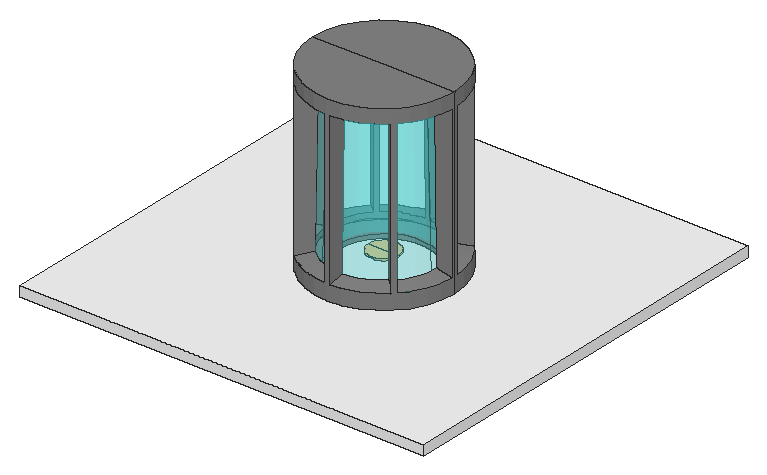
Revit family "BE_84682_de_DE", category Leuchten, Revit 2015
Parameters (values of type "BEGA_84682_Grafit_K4")
  built-in parameter 1150104 = 10.013 (stored number, unit not read)
  Wattage = 9 W
  Default Elevation = 0 mm
  built-in parameter 1150113 = 1 (stored number, unit not read)
  built-in parameter 1114218 = 1 (stored number, unit not read)
  Umgebungstemperatur = "25 °C"
  URL = "http://www.bega.de/produkt/84682"
  Typenkommentare = "© 2016 BEGA. Wir behalten uns das Recht vor, technische Änderungen ohne vorherige Ankündigung vorzunehmen."  # constant formula
  Type Image = 84682.png
  built-in parameter 1150134 = 12
  built-in parameter 1150109 = 1 (stored number, unit not read)
  Strom = ""
  built-in parameter 1150110 = 1 (stored number, unit not read)
  Spannung = 239.996 V
  Sonderanfertigung = no
  Seriennummer [instance] = "Hier können Sie die eindeutige Seriennummer für das Facility Management eintragen."
  Schutzklasse = "I"
  Schutzart = "IP 65"
  Scheinlast = 0 VA
  Produktdatenblatt = "http://www.bega.de/download/Xrfa/db/84682.db.de.pdf"
  Oberflächentemperatur = ""
  Neigungswinkel = 0.00°
  Modell = "84682K4"
  Material_18 = BEGA_Gummi_schwarz
  Material_17 = BEGA_Reflektor
  Material_15 = BEGA_Leuchtmedium_matt
  Material_11 = BEGA_Glas_opal
  Material_09 = BEGA_Glas_klar
  Material_06 = BEGA_Oberfläche_Edelstahl_gebürstet
  Material_03 = BEGA_Oberfläche_Weiss_matt
  Material_02 = BEGA_Oberfläche_Silber_matt
  Material_01 [instance] = BEGA_Oberfläche_Grafit_matt
  M_W = no
  M_G = yes
  M_A = no
  Logo = 0
  built-in parameter 1114217 = 1 (stored number, unit not read)
  built-in parameter 1150139 = (empty or 0)
  built-in parameter 1150105 = 77.192 (stored number, unit not read)
  built-in parameter 1150114 = 1 (stored number, unit not read)
  Lumens = 970.02 lm
  built-in parameter 1150115 = 1 (stored number, unit not read)
  Leuchtenlichtstrom = "420 lm"
  Leuchtenanzahl = ""
  Lebensdauerkriterien = "L70 = 50.000 h"
  Lastklassifizierung = Beleuchtung
  built-in parameter 1150112 = 1 (stored number, unit not read)
  Lampenlichtstrom = "970 lm"
  Lampe = "LED 9 W"
  LED_Modulbezeichnung = "LED-0557/840"
  built-in parameter 1150142 = (empty or 0)
  Hersteller = "BEGA"  # constant formula
  Halbstreuwinkel = ""
  Gewicht = "2.7 kg"
  Gebrauchslageneinschränkung [instance] = ""
  Frequenz = "0/50-60 Hz"
  Farbwiedergabeindex = "Ra > 80"
  Farbtemperaturverschiebung bei Dämpfen der Lampe = <Keine Auswahl>
  Farbtemperatur = "4000 K"
  Color Filter = 16777215
  built-in parameter 1150133 = 10 (stored number, unit not read)
  Energieeffizienzklasse = "LED A++ - A"
  built-in parameter 1150137 = (empty or 0)
  built-in parameter 1150132 = (empty or 0)
  ENEC = ""
  Dimmbar [instance] = ""
  Datei für fotometrisches Netz = "BE_84682K4.IES"
  CE_Konformität = "ja"
  Bestellnummer = "84682K4"
  Beschreibung_Sonderanfertigung = "Hier können Sie Informationen zur Sonderanfertigung eintragen."
  Beschreibung = "Pollerleuchtenkopf"
  built-in parameter 1150106 = 0.77192 (stored number, unit not read)
  Befestigungsbohrung = ""
  Befestigungsabstand = ""
  Ballwurfsicher = ""
  BEGA_Intern_aus = yes
  BEGA_Intern_an = yes
  BEGA_Intern_Konstruktion = yes
  BEGA_Intern = yes
  BEGA_IES = yes
  BEGA_Dummy = no
  Anschlussleitung = "1.0 m H05VV-F 3 G 1²"
  Anschlussleistung [instance] = "10.7 W"
  built-in parameter 1150107 = 4000 (stored number, unit not read)
  built-in parameter 1150102 = (empty or 0)
  built-in parameter 1150138 = (empty or 0)
  Aktualisierung = "2016-11-14T04:14:35"
  Abstand_zur_angestrahlten_Fläche [instance] = ""
  AC/DC = "AC/DC"
Types (4, lengths in mm): name | built-in parameter 1150104 | built-in parameter 1150134 | Modell | M_G | M_A | built-in parameter 1150105 | Lumens | Leuchtenlichtstrom | Lampenlichtstrom | LED_Modulbezeichnung | Farbtemperatur | Datei für fotometrisches Netz | Bestellnummer | built-in parameter 1150106 | built-in parameter 1150107
  BEGA_84682_Silber_K4 | 10.013 (stored number, unit not read) | 12 | "84682AK4" | no | yes | 77.192 (stored number, unit not read) | 970.02 lm | "420 lm" | "970 lm" | "LED-0557/840" | "4000 K" | "BE_84682K4.IES" | "84682AK4" | 0.77192 (stored number, unit not read) | 4000 (stored number, unit not read)
  BEGA_84682_Silber_K3 | 9.4455 (stored number, unit not read) | (empty or 0) | "84682A" | no | yes | 72.816 (stored number, unit not read) | 915.03 lm | "396 lm" | "915 lm" | "LED-0557/830" | "3000 K" | "BE_84682.IES" | "84682A" | 0.72816 (stored number, unit not read) | 3000 (stored number, unit not read)
  BEGA_84682_Grafit_K4 | 10.013 (stored number, unit not read) | 12 | "84682K4" | yes | no | 77.192 (stored number, unit not read) | 970.02 lm | "420 lm" | "970 lm" | "LED-0557/840" | "4000 K" | "BE_84682K4.IES" | "84682K4" | 0.77192 (stored number, unit not read) | 4000 (stored number, unit not read)
  BEGA_84682_Grafit_K3 | 9.4455 (stored number, unit not read) | (empty or 0) | "84682" | yes | no | 72.816 (stored number, unit not read) | 915.03 lm | "396 lm" | "915 lm" | "LED-0557/830" | "3000 K" | "BE_84682.IES" | "84682" | 0.72816 (stored number, unit not read) | 3000 (stored number, unit not read)
Reference planes
  plane 1 "Mitte (Vorne/Hinten)": y = 0
  plane 2: z = 0
  plane 3 "Mitte (Links/Rechts)": x = 0
  plane 4 "Links": x = -70
  plane 5 "Rechts": x = 70
  plane 6 "Unten": y = -69.957
  plane 7 "Oben": y = 69.957
  plane 8 "Vorne": z = 178.7
  plane 9 "Hinten": z = -135.769
Forms (mm)
  Extrusion 1, solid, material "BEGA_Platte_Weiss"
    sketch origin (0, -1119.2, 0) x (1, 0, 0) y (0, 1, 0)
      loop
        line (-200, 1319.2) -> (-200, 919.2) -> (200, 919.2) -> (200, 1319.2) -> (-200, 1319.2)
    from 0 to -10
  Extrusion 2, solid, material "BEGA_Dummy_matt", visible <- "BEGA_Dummy"
    sketch origin (77.149, -76.023, 0) x (1, 0, 0) y (0, 1, 0)
      loop
        circle (-77.149, 76.023) r 70
    from 0 to 178.7
Dimensions and locks
  plane 1 "Mitte (Vorne/Hinten)" to Extrusion 1 = 200 mm
  aligned and locked: plane 2 to Extrusion 1
  aligned and locked: level to Extrusion 1
Nested families
  nested 1: "BE_84682" at (0, 0, 0), type "BE_84682"
Connectors
  electrical at (0, 0, 0), driven by "Lastklassifizierung", driven by "Spannung", driven by "Scheinlast"
    settings: index 1, voltage 239.996 V, apparent load 0 VA, apparent load phase1 0 VA, apparent load phase2 0 VA, apparent load phase3 0 VA, power factor 1, load classification "Beleuchtung", number of poles 1, system type 31, power factor state 1, is connector primary yes, connector utility no, sub classification motor no, connector description ""
Definition of nested family "BE_84682"
  Parameters (values of type "BE_84682")
    Default Elevation = 1 mm
    URL = "http://www.bega.de/de/produkt"
    Type Comments = "© 2015 BEGA. Wir behalten uns das Recht vor, technische Änderungen ohne vorherige Ankündigung vorzunehmen. "  # constant formula
    Type Image = (empty or 0)
    Material_18 = none
    Material_17 = none
    Material_15 = none
    Material_11 = none
    Material_09 = none
    Material_06 = none
    Material_03 = none
    Material_02 = none
    Material_01 = none
    M_W = yes
    M_G = yes
    M_A = yes
    Länge_Platte = 200 mm  # constant formula
    Höhe_Platte = -10 mm  # constant formula
    Manufacturer = "BEGA"  # constant formula
    Breite_Platte = 200 mm  # constant formula
  Reference planes
    plane 1 "Mitte (Oben/Unten)": y = 0
    plane 2: z = 0
    plane 3 "Mitte (Links/Rechts)": x = 0
    plane 4 "Links": x = -70
    plane 5 "Unten": y = -69.957
    plane 6: x = 70
    plane 7: z = -135.769
    plane 8: z = 178.7
    plane 9: y = 69.957
  Forms (mm)
    Extrusion 1, solid, detail levels medium
      sketch origin (0, 0, 0) x (1, 0, 0) y (0, 1, 0)
        loop
          line (-100, 100) -> (-100, -100) -> (100, -100) -> (100, 100) -> (-100, 100)
      from 0 to -10 <- "Höhe_Platte"
    Revolve 2, solid, material <- "Material_01", detail levels medium+fine
      sketch origin (0, 0, 0) x (1, 0, 0) y (0, 0, 1)
        loop
          line (-13.727, -128.572) -> (-11.6, -129.669) -> (-11.6, -130.769)
          arc (-11.6, -130.769) -> (-10.136, -134.304) -> (-6.6, -135.769) r 5
          line (-6.6, -135.769) -> (0, -135.769) -> (0, -98.5) -> (-13.485, -98.5) -> (-13.485, -111.5) -> (-9.6, -111.5) -> (-9.6, -117.669) -> (-13.867, -117.669) -> (-13.868, -128.501)
        axis (0, -98.5) -> (0, -135.769)
      angle from 0 to 360
    Revolve 3, solid, material <- "Material_01", visible <- "M_G", detail levels medium+fine
      sketch origin (0, 0, 0) x (1, 0, 0) y (0, 0, 1)
        loop
          line (-33.8, -57.5) -> (-29.3, -57.5) -> (-28.596, -97.842)
          arc (-28.596, -97.842) -> (-27.849, -99.583) -> (-26.096, -100.3) r 2.5
          line (-26.096, -100.3) -> (0, -100.3) -> (0, -98.5) -> (-24.749, -98.5)
          arc (-24.749, -98.5) -> (-26.151, -97.926) -> (-26.749, -96.535) r 2
          line (-26.749, -96.535) -> (-27.5, -53.5) -> (-33.87, -53.5) -> (-33.8, -57.5)
        axis (0, -100.3) -> (0, -53.5)
      angle from 0 to 360
    Revolve 4, solid, material <- "Material_01", visible <- "M_G", detail levels medium+fine
      sketch origin (0, 0, 0) x (1, 0, 0) y (0, 0, 1)
        loop
          line (-66.8, 0) -> (-64.788, -0.07) -> (-63.389, -8) -> (-57, -8.223) -> (-57, -26.7) -> (-60, -29.7) -> (-60, -32.2) -> (-46.792, -32.2) -> (-46.446, -42.098)
          arc (-46.446, -42.098) -> (-46.236, -42.929) -> (-45.698, -43.595) r 2
          line (-45.698, -43.595) -> (-43.935, -45) -> (-32.5, -45) -> (-32.203, -53.5) -> (-29.5, -53.5) -> (-28.688, -38) -> (-42.929, -38) -> (-44.395, 4) -> (-66.8, 4) -> (-66.8, 0)
        axis (0, -53.5) -> (0, 4)
      angle from 0 to 360
    Revolve 5, solid, material <- "Material_01", visible <- "M_G", detail levels medium+fine
      sketch origin (0, 0, 0) x (1, 0, 0) y (0, 0, 1)
        loop
          line (-67.162, 12.2) -> (-54.1, 12.2) -> (-51.264, 174.7) -> (0, 174.7) -> (0, 178.7) -> (-70, 178.7) -> (-70, 0) -> (-67.375, 0) -> (-67.162, 12.2)
        axis (0, 0) -> (0, 178.7)
      angle from 0 to 360
    Revolve 6, void
      sketch origin (0, 0, 0) x (1, 0, 0) y (0, 0, 1)
        loop
          line (-70, 14.991) -> (-54.002, 17.812) -> (-51.484, 162.059) -> (-70, 164.991) -> (-70, 14.991)
        axis (0, 164.991) -> (0, 14.991)
      angle from 43 to 2
    Revolve 7, void
      sketch origin (0, 0, 0) x (0.707107, -0.707107, 0) y (0, 0, 1)
        loop
          line (-70, 14.991) -> (-54.002, 17.812) -> (-51.484, 162.059) -> (-70, 164.991) -> (-70, 14.991)
        axis (0, 164.991) -> (0, 14.991)
      angle from 43 to 2
    Revolve 8, void
      sketch origin (0, 0, 0) x (0.707107, 0.707107, 0) y (0, 0, 1)
        loop
          line (-70, 14.991) -> (-54.002, 17.812) -> (-51.484, 162.059) -> (-70, 164.991) -> (-70, 14.991)
        axis (0, 164.991) -> (0, 14.991)
      angle from 43 to 2
    Revolve 9, void
      sketch origin (0, 0, 0) x (0, 1, 0) y (0, 0, 1)
        loop
          line (-70, 14.991) -> (-54.002, 17.812) -> (-51.484, 162.059) -> (-70, 164.991) -> (-70, 14.991)
        axis (0, 164.991) -> (0, 14.991)
      angle from 43 to 2
    Revolve 10, void
      sketch origin (0, 0, 0) x (-0.707107, 0.707107, 0) y (0, 0, 1)
        loop
          line (-70, 14.991) -> (-54.002, 17.812) -> (-51.484, 162.059) -> (-70, 164.991) -> (-70, 14.991)
        axis (0, 164.991) -> (0, 14.991)
      angle from 43 to 2
    Revolve 11, void
      sketch origin (0, 0, 0) x (-1, 0, 0) y (0, 0, 1)
        loop
          line (-70, 14.991) -> (-54.002, 17.812) -> (-51.484, 162.059) -> (-70, 164.991) -> (-70, 14.991)
        axis (0, 164.991) -> (0, 14.991)
      angle from 43 to 2
    Revolve 12, void
      sketch origin (0, 0, 0) x (-0.707107, -0.707107, 0) y (0, 0, 1)
        loop
          line (-70, 14.991) -> (-54.002, 17.812) -> (-51.484, 162.059) -> (-70, 164.991) -> (-70, 14.991)
        axis (0, 164.991) -> (0, 14.991)
      angle from 43 to 2
    Revolve 13, void
      sketch origin (0, 0, 0) x (0, -1, 0) y (0, 0, 1)
        loop
          line (-70, 14.991) -> (-54.002, 17.812) -> (-51.484, 162.059) -> (-70, 164.991) -> (-70, 14.991)
        axis (0, 164.991) -> (0, 14.991)
      angle from 43 to 2
    Revolve 14, solid, material <- "Material_09", detail levels medium+fine
      sketch origin (0, 0, 0) x (1, 0, 0) y (0, 0, 1)
        loop
          arc (-47.544, 173.2) -> (-49.647, 172.34) -> (-50.544, 170.252) r 3
          line (-50.544, 170.252) -> (-53.5, 0.9) -> (-47.5, 0.9) -> (-43.403, 157.357)
          arc (-43.403, 157.357) -> (-41.589, 161.498) -> (-37.403, 163.2) r 6
          line (-37.403, 163.2) -> (0, 163.2) -> (0, 173.2) -> (-47.544, 173.2)
        axis (0, 173.2) -> (0, 0.9)
      angle from 0 to 360
    Revolve 15, solid, material <- "Material_15", detail levels medium+fine
      sketch origin (0, 0, 0) x (1, 0, 0) y (0, 0, 1)
        loop
          line (-15, 14.55) -> (-15, 13.397) -> (0, 13.397) -> (0, 14.55) -> (-15, 14.55)
        axis (0, 14.55) -> (0, 13.397)
      angle from 0 to 360
    Revolve 16, solid, material <- "Material_02", visible <- "M_A", detail levels medium+fine
      sketch origin (0, 0, 0) x (1, 0, 0) y (0, 0, 1)
        loop
          line (-33.8, -57.5) -> (-29.3, -57.5) -> (-28.596, -97.842)
          arc (-28.596, -97.842) -> (-27.849, -99.583) -> (-26.096, -100.3) r 2.5
          line (-26.096, -100.3) -> (0, -100.3) -> (0, -98.5) -> (-24.749, -98.5)
          arc (-24.749, -98.5) -> (-26.151, -97.926) -> (-26.749, -96.535) r 2
          line (-26.749, -96.535) -> (-27.5, -53.5) -> (-33.87, -53.5) -> (-33.8, -57.5)
        axis (0, -100.3) -> (0, -53.5)
      angle from 0 to 360
    Revolve 17, solid, material <- "Material_02", visible <- "M_A", detail levels medium+fine
      sketch origin (0, 0, 0) x (1, 0, 0) y (0, 0, 1)
        loop
          line (-66.8, 0) -> (-64.788, -0.07) -> (-63.389, -8) -> (-57, -8.223) -> (-57, -26.7) -> (-60, -29.7) -> (-60, -32.2) -> (-46.792, -32.2) -> (-46.446, -42.098)
          arc (-46.446, -42.098) -> (-46.236, -42.929) -> (-45.698, -43.595) r 2
          line (-45.698, -43.595) -> (-43.935, -45) -> (-32.5, -45) -> (-32.203, -53.5) -> (-29.5, -53.5) -> (-28.688, -38) -> (-42.929, -38) -> (-44.395, 4) -> (-66.8, 4) -> (-66.8, 0)
        axis (0, -53.5) -> (0, 4)
      angle from 0 to 360
    Revolve 18, solid, material <- "Material_02", visible <- "M_A", detail levels medium+fine
      sketch origin (0, 0, 0) x (1, 0, 0) y (0, 0, 1)
        loop
          line (-67.162, 12.2) -> (-54.1, 12.2) -> (-51.264, 174.7) -> (0, 174.7) -> (0, 178.7) -> (-70, 178.7) -> (-70, 0) -> (-67.375, 0) -> (-67.162, 12.2)
        axis (0, 0) -> (0, 178.7)
      angle from 0 to 360
  Cuts and joins
    Revolve 6, Revolve 7, Revolve 8, Revolve 9, Revolve 10, Revolve 11, Revolve 12, Revolve 13 cuts Revolve 5
    Revolve 6, Revolve 7, Revolve 8, Revolve 9, Revolve 10, Revolve 11, Revolve 12, Revolve 13 cuts Revolve 18
  Dimensions and locks
    equal spacing: Extrusion 1 sketch curve, plane 3 "Mitte (Links/Rechts)", Extrusion 1 sketch curve
    equal spacing: Extrusion 1 sketch curve, plane 1 "Mitte (Oben/Unten)", Extrusion 1 sketch curve
    "Länge_Platte": Extrusion 1 sketch curve to Extrusion 1 sketch curve
    "Breite_Platte": Extrusion 1 sketch curve to Extrusion 1 sketch curve
    aligned and locked: Extrusion 1 to plane 2
    aligned and locked: level to Extrusion 1
  Automatic sketch dimensions
    Revolve 2 sketch curve to plane 3 "Mitte (Links/Rechts)" = 0 mm  (x2)
    Revolve 2 sketch curve to plane 3 "Mitte (Links/Rechts)" = 6.6 mm
    Revolve 2 sketch curve to plane 3 "Mitte (Links/Rechts)" = 9.6 mm
    Revolve 2 sketch curve to Revolve 2 sketch curve = 5 mm
    Revolve 2 sketch curve to Revolve 2 sketch curve = 3.885 mm
    Revolve 2 sketch curve to Revolve 2 sketch curve = 4.267 mm
    Revolve 2 sketch curve to Revolve 2 sketch curve = 1.1 mm
    Revolve 2 sketch curve to Revolve 2 sketch curve = 12 mm
    Revolve 2 sketch curve to Revolve 2 sketch curve = 6.169 mm
    Revolve 2 sketch curve to Revolve 2 sketch curve = 2.127 mm
    Revolve 2 sketch curve to Revolve 2 sketch curve = 0.141 mm
    Revolve 2 sketch curve to Revolve 2 sketch curve = 1.096 mm
    Revolve 2 sketch curve to Revolve 2 sketch curve = 0.071 mm
    Revolve 2 sketch curve to Revolve 2 sketch curve = 2 mm
    Revolve 2 sketch curve to Revolve 2 sketch curve = 0 mm
    Revolve 3 sketch curve to plane 3 "Mitte (Links/Rechts)" = 0 mm  (x2)
    Revolve 3 sketch curve to plane 3 "Mitte (Links/Rechts)" = 24.749 mm
    Revolve 3 sketch curve to Revolve 3 sketch curve = 1.347 mm  (x3)
    Revolve 3 sketch curve to Revolve 3 sketch curve = 0.653 mm
    Revolve 3 sketch curve to plane 3 "Mitte (Links/Rechts)" = 27.5 mm
    Revolve 3 sketch curve to Revolve 3 sketch curve = 1.847 mm
    Revolve 3 sketch curve to Revolve 3 sketch curve = 1.8 mm  (x2)
    Revolve 3 sketch curve to Revolve 3 sketch curve = 4.5 mm
    Revolve 3 sketch curve to Revolve 3 sketch curve = 0.07 mm
    Revolve 3 sketch curve to Revolve 3 sketch curve = 1.265 mm
    Revolve 3 sketch curve to Revolve 3 sketch curve = 39.035 mm
    Revolve 3 sketch curve to Revolve 3 sketch curve = 4 mm
    Revolve 3 sketch curve to Revolve 3 sketch curve = 0 mm  (x4)
    Revolve 4 sketch curve to plane 3 "Mitte (Links/Rechts)" = 0 mm
    Revolve 4 sketch curve to plane 3 "Mitte (Links/Rechts)" = 28.688 mm
    Revolve 4 sketch curve to Revolve 4 sketch curve = 0.812 mm
    Revolve 4 sketch curve to Revolve 4 sketch curve = 2.703 mm
    Revolve 4 sketch curve to Revolve 4 sketch curve = 3.812 mm
    Revolve 4 sketch curve to Revolve 4 sketch curve = 10.429 mm
    Revolve 4 sketch curve to Revolve 4 sketch curve = 1.006 mm
    level to Revolve 4 sketch curve = 4 mm
    Revolve 4 sketch curve to Revolve 4 sketch curve = 1.467 mm
    Revolve 4 sketch curve to Revolve 4 sketch curve = 0.513 mm
    Revolve 4 sketch curve to Revolve 4 sketch curve = 1.251 mm
    Revolve 4 sketch curve to Revolve 4 sketch curve = 0.748 mm
    Revolve 4 sketch curve to Revolve 4 sketch curve = 3.863 mm
    Revolve 4 sketch curve to Revolve 4 sketch curve = 10.208 mm
    Revolve 4 sketch curve to Revolve 4 sketch curve = 3 mm  (x2)
    Revolve 4 sketch curve to level = 8 mm
    Revolve 4 sketch curve to Revolve 4 sketch curve = 6.389 mm
    Revolve 4 sketch curve to level = 0.07 mm
    Revolve 4 sketch curve to Revolve 4 sketch curve = 1.398 mm
    level to Revolve 4 sketch curve = 0 mm
    Revolve 4 sketch curve to Revolve 4 sketch curve = 2.012 mm
    Revolve 4 sketch curve to Revolve 4 sketch curve = 0.223 mm
    Revolve 4 sketch curve to Revolve 4 sketch curve = 18.477 mm
    Revolve 4 sketch curve to Revolve 4 sketch curve = 5.5 mm  (x2)
    Revolve 4 sketch curve to Revolve 4 sketch curve = 5.8 mm
    Revolve 4 sketch curve to Revolve 4 sketch curve = 4.034 mm
    Revolve 4 sketch curve to Revolve 4 sketch curve = 0.064 mm
    Revolve 4 sketch curve to Revolve 4 sketch curve = 1.405 mm
    Revolve 4 sketch curve to Revolve 4 sketch curve = 8.5 mm
    Revolve 4 sketch curve to Revolve 4 sketch curve = 5 mm
    Revolve 5 sketch curve to level = 0 mm
    Revolve 5 sketch curve to plane 3 "Mitte (Links/Rechts)" = 0 mm  (x2)
    Revolve 5 sketch curve to plane 3 "Mitte (Links/Rechts)" = 51.264 mm
    level to Revolve 5 sketch curve = 12.2 mm  (x2)
    Revolve 5 sketch curve to plane 3 "Mitte (Links/Rechts)" = 54.1 mm
    Revolve 5 sketch curve to Revolve 5 sketch curve = 13.062 mm
    Revolve 5 sketch curve to Revolve 5 sketch curve = 0.213 mm
    Revolve 5 sketch curve to Revolve 5 sketch curve = 18.736 mm
    Revolve 5 sketch curve to Revolve 5 sketch curve = 4 mm
    level to Revolve 5 sketch curve = 21.785 mm
    Revolve 5 sketch curve to Revolve 5 sketch curve = 15 mm
    Revolve 6 sketch curve to Revolve 6 sketch curve = 15.998 mm
    Revolve 6 sketch curve to Revolve 6 sketch curve = 2.933 mm
    Revolve 6 sketch curve to Revolve 6 sketch curve = 57.059 mm
    Revolve 6 sketch curve to Revolve 6 sketch curve = 20 mm
    Revolve 6 sketch curve to Revolve 6 sketch curve = 18.516 mm
    Revolve 6 sketch curve to Revolve 6 sketch curve = 2.821 mm
    Revolve 6 sketch curve to Revolve 6 sketch curve = 144.246 mm
    Revolve 6 sketch curve to Revolve 6 sketch curve = 51.484 mm
    Revolve 7 sketch curve to Revolve 7 sketch curve = 15.998 mm
    Revolve 7 sketch curve to Revolve 7 sketch curve = 2.933 mm
    Revolve 7 sketch curve to Revolve 7 sketch curve = 57.059 mm
    Revolve 7 sketch curve to Revolve 7 sketch curve = 20 mm
    Revolve 7 sketch curve to Revolve 7 sketch curve = 18.516 mm
    Revolve 7 sketch curve to Revolve 7 sketch curve = 2.821 mm
    Revolve 7 sketch curve to Revolve 7 sketch curve = 144.246 mm
    Revolve 7 sketch curve to Revolve 7 sketch curve = 51.484 mm
    Revolve 8 sketch curve to Revolve 8 sketch curve = 15.998 mm
    Revolve 8 sketch curve to Revolve 8 sketch curve = 2.933 mm
    Revolve 8 sketch curve to Revolve 8 sketch curve = 57.059 mm
    Revolve 8 sketch curve to Revolve 8 sketch curve = 20 mm
    Revolve 8 sketch curve to Revolve 8 sketch curve = 18.516 mm
    Revolve 8 sketch curve to Revolve 8 sketch curve = 2.821 mm
    Revolve 8 sketch curve to Revolve 8 sketch curve = 144.246 mm
    Revolve 8 sketch curve to Revolve 8 sketch curve = 51.484 mm
    Revolve 9 sketch curve to Revolve 9 sketch curve = 15.998 mm
    Revolve 9 sketch curve to Revolve 9 sketch curve = 2.933 mm
    Revolve 9 sketch curve to Revolve 9 sketch curve = 57.059 mm
    Revolve 9 sketch curve to Revolve 9 sketch curve = 20 mm
    Revolve 9 sketch curve to Revolve 9 sketch curve = 18.516 mm
    Revolve 9 sketch curve to Revolve 9 sketch curve = 2.821 mm
    Revolve 9 sketch curve to Revolve 9 sketch curve = 144.246 mm
    Revolve 9 sketch curve to Revolve 9 sketch curve = 51.484 mm
    Revolve 10 sketch curve to Revolve 10 sketch curve = 15.998 mm
    Revolve 10 sketch curve to Revolve 10 sketch curve = 2.933 mm
    Revolve 10 sketch curve to Revolve 10 sketch curve = 57.059 mm
    Revolve 10 sketch curve to Revolve 10 sketch curve = 20 mm
    Revolve 10 sketch curve to Revolve 10 sketch curve = 18.516 mm
    Revolve 10 sketch curve to Revolve 10 sketch curve = 2.821 mm
    Revolve 10 sketch curve to Revolve 10 sketch curve = 144.246 mm
    Revolve 10 sketch curve to Revolve 10 sketch curve = 51.484 mm
    Revolve 11 sketch curve to Revolve 11 sketch curve = 15.998 mm
    Revolve 11 sketch curve to Revolve 11 sketch curve = 2.933 mm
    Revolve 11 sketch curve to Revolve 11 sketch curve = 57.059 mm
    Revolve 11 sketch curve to Revolve 11 sketch curve = 20 mm
    Revolve 11 sketch curve to Revolve 11 sketch curve = 18.516 mm
    Revolve 11 sketch curve to Revolve 11 sketch curve = 2.821 mm
    Revolve 11 sketch curve to Revolve 11 sketch curve = 144.246 mm
    Revolve 11 sketch curve to Revolve 11 sketch curve = 51.484 mm
    Revolve 12 sketch curve to Revolve 12 sketch curve = 15.998 mm
    Revolve 12 sketch curve to Revolve 12 sketch curve = 2.933 mm
    Revolve 12 sketch curve to Revolve 12 sketch curve = 57.059 mm
    Revolve 12 sketch curve to Revolve 12 sketch curve = 20 mm
    Revolve 12 sketch curve to Revolve 12 sketch curve = 18.516 mm
    Revolve 12 sketch curve to Revolve 12 sketch curve = 2.821 mm
    Revolve 12 sketch curve to Revolve 12 sketch curve = 144.246 mm
    Revolve 12 sketch curve to Revolve 12 sketch curve = 51.484 mm
    Revolve 13 sketch curve to Revolve 13 sketch curve = 15.998 mm
    Revolve 13 sketch curve to Revolve 13 sketch curve = 2.933 mm
    Revolve 13 sketch curve to Revolve 13 sketch curve = 57.059 mm
    Revolve 13 sketch curve to Revolve 13 sketch curve = 20 mm
    Revolve 13 sketch curve to Revolve 13 sketch curve = 18.516 mm
    Revolve 13 sketch curve to Revolve 13 sketch curve = 2.821 mm
    Revolve 13 sketch curve to Revolve 13 sketch curve = 144.246 mm
    Revolve 13 sketch curve to Revolve 13 sketch curve = 51.484 mm
    Revolve 6 sketch curve to plane 3 "Mitte (Links/Rechts)" = 0 mm
    level to Revolve 6 sketch curve = 14.991 mm
    Revolve 9 sketch curve to plane 1 "Mitte (Oben/Unten)" = 0 mm
    level to Revolve 9 sketch curve = 14.991 mm
    Revolve 11 sketch curve to plane 3 "Mitte (Links/Rechts)" = 0 mm
    level to Revolve 11 sketch curve = 14.991 mm
    Revolve 13 sketch curve to plane 1 "Mitte (Oben/Unten)" = 0 mm
    level to Revolve 13 sketch curve = 14.991 mm
    Revolve 14 sketch curve to plane 3 "Mitte (Links/Rechts)" = 0 mm  (x2)
    Revolve 14 sketch curve to plane 3 "Mitte (Links/Rechts)" = 37.403 mm
    level to Revolve 14 sketch curve = 0.9 mm
    Revolve 14 sketch curve to plane 3 "Mitte (Links/Rechts)" = 47.5 mm
    Revolve 14 sketch curve to Revolve 14 sketch curve = 10.142 mm
    Revolve 14 sketch curve to Revolve 14 sketch curve = 6 mm  (x2)
    Revolve 14 sketch curve to Revolve 14 sketch curve = 7 mm
    Revolve 14 sketch curve to Revolve 14 sketch curve = 10 mm  (x2)
    Revolve 14 sketch curve to Revolve 14 sketch curve = 5.998 mm
    Revolve 14 sketch curve to Revolve 14 sketch curve = 0.002 mm
    Revolve 14 sketch curve to Revolve 14 sketch curve = 0 mm  (x5)
    Revolve 14 sketch curve to Revolve 14 sketch curve = 3 mm
    Revolve 14 sketch curve to Revolve 14 sketch curve = 23.34 mm
    Revolve 14 sketch curve to Revolve 14 sketch curve = 0.052 mm
    Revolve 16 sketch curve to plane 3 "Mitte (Links/Rechts)" = 0 mm  (x2)
    Revolve 16 sketch curve to plane 3 "Mitte (Links/Rechts)" = 24.749 mm
    Revolve 16 sketch curve to Revolve 16 sketch curve = 1.347 mm  (x3)
    Revolve 16 sketch curve to Revolve 16 sketch curve = 0.653 mm
    Revolve 16 sketch curve to plane 3 "Mitte (Links/Rechts)" = 27.5 mm
    Revolve 16 sketch curve to Revolve 16 sketch curve = 1.847 mm
    Revolve 16 sketch curve to Revolve 16 sketch curve = 1.8 mm  (x2)
    Revolve 16 sketch curve to Revolve 16 sketch curve = 4.5 mm
    Revolve 16 sketch curve to Revolve 16 sketch curve = 0.07 mm
    Revolve 16 sketch curve to Revolve 16 sketch curve = 1.265 mm
    Revolve 16 sketch curve to Revolve 16 sketch curve = 39.035 mm
    Revolve 16 sketch curve to Revolve 16 sketch curve = 4 mm
    Revolve 16 sketch curve to Revolve 16 sketch curve = 0 mm  (x4)
    Revolve 17 sketch curve to plane 3 "Mitte (Links/Rechts)" = 0 mm
    Revolve 17 sketch curve to plane 3 "Mitte (Links/Rechts)" = 28.688 mm
    Revolve 17 sketch curve to Revolve 17 sketch curve = 0.812 mm
    Revolve 17 sketch curve to Revolve 17 sketch curve = 2.703 mm
    Revolve 17 sketch curve to Revolve 17 sketch curve = 3.812 mm
    Revolve 17 sketch curve to Revolve 17 sketch curve = 10.429 mm
    Revolve 17 sketch curve to Revolve 17 sketch curve = 1.006 mm
    level to Revolve 17 sketch curve = 4 mm
    Revolve 17 sketch curve to Revolve 17 sketch curve = 1.467 mm
    Revolve 17 sketch curve to Revolve 17 sketch curve = 0.513 mm
    Revolve 17 sketch curve to Revolve 17 sketch curve = 1.251 mm
    Revolve 17 sketch curve to Revolve 17 sketch curve = 0.748 mm
    Revolve 17 sketch curve to Revolve 17 sketch curve = 3.863 mm
    Revolve 17 sketch curve to Revolve 17 sketch curve = 10.208 mm
    Revolve 17 sketch curve to Revolve 17 sketch curve = 3 mm  (x2)
    Revolve 17 sketch curve to level = 8 mm
    Revolve 17 sketch curve to Revolve 17 sketch curve = 6.389 mm
    Revolve 17 sketch curve to level = 0.07 mm
    Revolve 17 sketch curve to Revolve 17 sketch curve = 1.398 mm
    level to Revolve 17 sketch curve = 0 mm
    Revolve 17 sketch curve to Revolve 17 sketch curve = 2.012 mm
    Revolve 17 sketch curve to Revolve 17 sketch curve = 0.223 mm
    Revolve 17 sketch curve to Revolve 17 sketch curve = 18.477 mm
    Revolve 17 sketch curve to Revolve 17 sketch curve = 5.5 mm  (x2)
    Revolve 17 sketch curve to Revolve 17 sketch curve = 5.8 mm
    Revolve 17 sketch curve to Revolve 17 sketch curve = 4.034 mm
    Revolve 17 sketch curve to Revolve 17 sketch curve = 0.064 mm
    Revolve 17 sketch curve to Revolve 17 sketch curve = 1.405 mm
    Revolve 17 sketch curve to Revolve 17 sketch curve = 8.5 mm
    Revolve 17 sketch curve to Revolve 17 sketch curve = 5 mm
    Revolve 18 sketch curve to level = 0 mm
    Revolve 18 sketch curve to plane 3 "Mitte (Links/Rechts)" = 0 mm  (x2)
    Revolve 18 sketch curve to plane 3 "Mitte (Links/Rechts)" = 51.264 mm
    level to Revolve 18 sketch curve = 12.2 mm  (x2)
    Revolve 18 sketch curve to plane 3 "Mitte (Links/Rechts)" = 54.1 mm
    Revolve 18 sketch curve to Revolve 18 sketch curve = 13.062 mm
    Revolve 18 sketch curve to Revolve 18 sketch curve = 0.213 mm
    Revolve 18 sketch curve to Revolve 18 sketch curve = 18.736 mm
    Revolve 18 sketch curve to Revolve 18 sketch curve = 4 mm
    level to Revolve 18 sketch curve = 21.785 mm
    Revolve 18 sketch curve to Revolve 18 sketch curve = 15 mm
    Revolve 2 sketch curve to level = 135.769 mm
    Revolve 2 sketch curve to Revolve 2 sketch curve = 13 mm
    Revolve 3 sketch curve to level = 100.3 mm
    Revolve 3 sketch curve to Revolve 3 sketch curve = 2.458 mm
    Revolve 3 sketch curve to Revolve 3 sketch curve = 0.7 mm
    Revolve 3 sketch curve to Revolve 3 sketch curve = 1.3 mm
    Revolve 16 sketch curve to level = 100.3 mm
    Revolve 16 sketch curve to Revolve 16 sketch curve = 2.458 mm
    Revolve 16 sketch curve to Revolve 16 sketch curve = 0.7 mm
    Revolve 16 sketch curve to Revolve 16 sketch curve = 1.3 mm
    Revolve 5 sketch curve to Revolve 5 sketch curve = 137.915 mm
    level to Revolve 7 sketch curve = 164.991 mm
    level to Revolve 8 sketch curve = 164.991 mm
    level to Revolve 10 sketch curve = 164.991 mm
    level to Revolve 12 sketch curve = 164.991 mm
    Revolve 14 sketch curve to Revolve 14 sketch curve = 156.3 mm
    Revolve 18 sketch curve to Revolve 18 sketch curve = 137.915 mm
    Revolve 15 sketch curve to plane 3 "Mitte (Links/Rechts)" = 0 mm  (x2)
    Revolve 15 sketch curve to Revolve 15 sketch curve = 15 mm
    level to Revolve 15 sketch curve = 13.397 mm
    Revolve 15 sketch curve to Revolve 15 sketch curve = 1.153 mm
    Revolve 15 sketch curve to Revolve 15 sketch curve = 0.314 mm
    Revolve 15 sketch curve to Revolve 15 sketch curve = 0.852 mm
